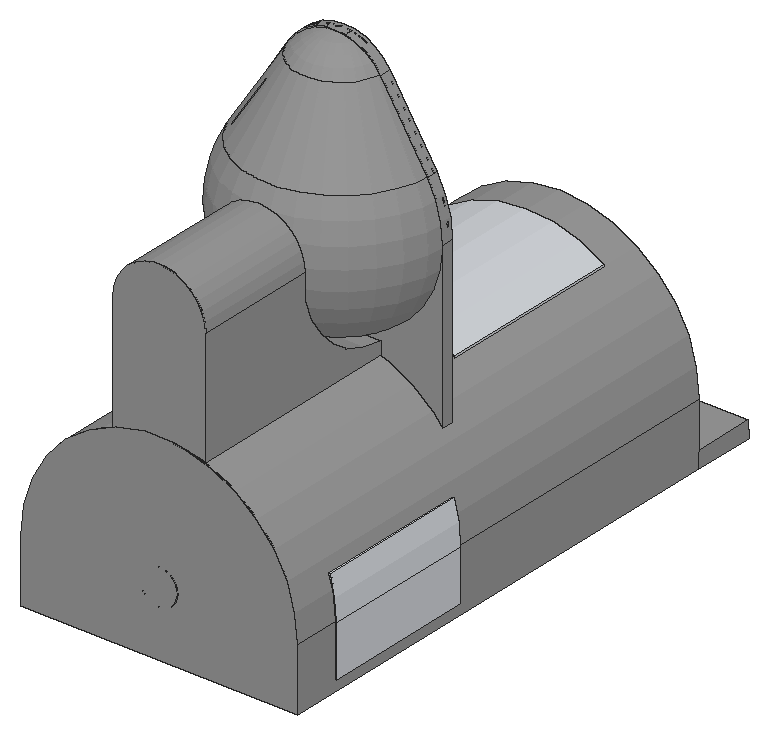
Revit family "Combination-Willoughby-ECF-1806-FA-C-ON", category Plumbing Fixtures, Revit 2015
Parameters (values of type "Standard")
  Waste DIA = 2 1/2"
  Waste Connection = yes
  W-RAD [instance] = Waste DIA / 2  # 0' - 1 1/4"
  Vent Connection = no
  URL = "https://www.willoughby-ind.com/wp-content/uploads/2018/04/1806-FA.pdf"
  Revision = "A"
  Model = "ECF-1806-FA-C-ON"
  Manufacturer = "Willoughby Industries"
  Lav Waste DIA = 1 1/2"
  Lav Waste Connection = yes
  L-RAD [instance] = Lav Waste DIA / 2  # 0' - 0 3/4"
  HW Connection = no
  Flush inlet DIA = 1 1/2"
  Flush Inlet Connection = yes
  Fixture Body = Stainless Steel AISI 304-Willoughby
  F-RAD [instance] = Flush inlet DIA / 2  # 0' - 0 3/4"
  Description = "1806 Front Access Combination Unit, Floor toilet waste outlet, Center toilet, On Floor mounted"
  Default Elevation = 0' - 0"
  Contact Number = "(800) 428-4065"
  CW Connection = no
Reference planes (in)
  plane 1 "Center (Front/Back)": y = -16.25
  plane 2: z = 0
  plane 3 "Center (Left/Right)": x = 0
  plane 4 "Base": y = -16.25
  plane 5 "Rim hight": y = -1.5
  plane 6 "Seat height": y = -1.25
  plane 7: y = 20.25
  plane 8 "Waste offset": x = 0
  plane 9 "Waste Hieght": y = -4.75
  plane 10 "Lwaste ht": y = 8
  plane 11 "flush inlet HT": y = 4.25
  plane 12 "Left Sweep": through (12.20051, 0, 16.45051) normal (0.7071, 0, -0.7071)
  plane 13 "Right Sweep": through (-12.20051, 0, 16.45051) normal (0.7071, 0, 0.7071)
  plane 14: through (-55.90549, 0, 60.15549) normal (-0.7071, 0, -0.7071)
  plane 15: x = 6.375
  plane 16: x = 9
  plane 17: z = 4.25
Forms (in)
  Extrusion 1, solid, material "Stainless Steel AISI 304-Willoughby" <- "Fixture Body"
    sketch origin (0, 10.5, -0.375) x (1, 0, 0) y (0, 0, 1)
      loop
        line (6.0079, 24.25317) -> (2.96593, 29.1083)
        arc (2.96593, 29.1083) -> (0, 30.75) -> (-2.96593, 29.1083) r 3.5
        line (-2.96593, 29.1083) -> (-6.0079, 24.25317)
        arc (-6.0079, 24.25317) -> (-6.74742, 22.52422) -> (-7, 20.6608) r 7
        line (-7, 20.6608) -> (-7, 10.11119)
        arc (-7, 10.11119) -> (0.01742, 13.41876) -> (7, 10.03826) r 8.99862
        line (7, 10.03826) -> (7, 20.6608)
        arc (7, 20.6608) -> (6.74742, 22.52422) -> (6.0079, 24.25317) r 7
      loop
        line (4.24214, 22.50332) -> (1.839, 28.03617)
        arc (1.839, 28.03617) -> (0, 29.25) -> (-1.839, 28.03617) r 2
        line (-1.839, 28.03617) -> (-4.24214, 22.50332)
        arc (-4.24214, 22.50332) -> (0, 16.0358) -> (4.24214, 22.50332) r 4.625
    from 11.75 to 12.5
  Revolve 2, solid, material "Stainless Steel AISI 304-Willoughby" <- "Fixture Body"
    sketch origin (0, -1.5, -0.375) x (1, 0, 0) y (0, 0, 1)
      loop
        arc (0, 13.6608) -> (6.08879, 17.20729) -> (6.0079, 24.25317) r 7
        line (6.0079, 24.25317) -> (2.96593, 29.1083)
        arc (2.96593, 29.1083) -> (1.69499, 30.31219) -> (0, 30.75) r 3.5
        line (0, 30.75) -> (0, 30.5)
        arc (0, 30.5) -> (1.57353, 30.09368) -> (2.75361, 28.97631) r 3.25
        line (2.75361, 28.97631) -> (5.71903, 24.24621)
        arc (5.71903, 24.24621) -> (5.9061, 17.39269) -> (0, 13.9108) r 6.75
        line (0, 13.9108) -> (0, 13.6608)
      axis (0, 13.6608) -> (0, 30.75)
    angle from 0 to -180
  Extrusion 3, solid, material "Stainless Steel AISI 304-Willoughby" <- "Fixture Body"
    sketch origin (0, -16.25, 0) x (1, 0, 0) y (0, 0, 1)
      loop
        line (9, 0) -> (9, 1.0625) -> (-9, 1.0625) -> (-9, 0) -> (9, 0)
    from -36.5 to -32.5
  Extrusion 4, solid, material "Stainless Steel AISI 304-Willoughby" <- "Fixture Body"
    sketch origin (0, 0, 0) x (1, 0, 0) y (0, 1, 0)
      loop
        circle (0, 8) r 0.75
    from 0 to 1
  Extrusion 5, solid, material "Stainless Steel AISI 304-Willoughby" <- "Fixture Body", detail levels fine
    sketch origin (0, 0, 0) x (1, 0, 0) y (0, 1, 0)
      loop
        circle (6.375, 4.25) r 0.75
    from 0 to 1
  Extrusion 6, solid, material "Stainless Steel AISI 304-Willoughby" <- "Fixture Body"
    sketch origin (-77.55739, -16.25, -24.30859) x (1, 0, 0) y (0, 0, 1)
      loop
        line (86.55739, 24.30859) -> (86.55739, 28.33218)
        arc (86.55739, 28.33218) -> (77.55739, 37.33218) -> (68.55739, 28.33218) r 9
        line (68.55739, 28.33218) -> (68.55739, 24.30859) -> (86.55739, 24.30859)
    from -32.5 to 0
  Revolve 7, void
    sketch origin (-0.04219, 16.25, -0.04963) x (1, 0, 0) y (0, 0, 1)
      loop
        spline (6.44903, 7.42683) -> (6.2318, 8.59152) -> (5.59494, 9.67683) -> (4.58183, 10.60881) -> (3.26153, 11.32395) -> (1.724, 11.7735) -> (0.07403, 11.92683) -> (-1.57595, 11.7735) -> (-3.11347, 11.32395) -> (-4.43378, 10.60881) -> (-5.44689, 9.67683) -> (-6.08375, 8.59152) -> (-6.30097, 7.42683)
        line (-6.30097, 7.42683) -> (6.44903, 7.42683)
      axis (6.44903, 7.42683) -> (-6.30097, 7.42683)
    angle from 0 to -180
  Extrusion 8, solid, material "Stainless Steel AISI 304-Willoughby" <- "Fixture Body"
    sketch origin (-22.09287, -16.25, -29.80277) x (1, 0, 0) y (0, 0, 1)
      loop
        arc (25.09287, 49.81164) -> (22.09287, 52.81164) -> (19.09287, 49.81164) r 3
        line (19.09287, 49.81164) -> (19.09287, 42.31164) -> (25.09287, 42.31164) -> (25.09287, 49.81164)
    from 0 to -8.02482
  Extrusion 9, solid, material "Stainless Steel AISI 304-Willoughby" <- "Fixture Body"
    sketch origin (0, 0, -0.375) x (0, 1, 0) y (0, 0, 1)
      loop
        line (-8.22518, 12.88387) -> (-2, 12.88387) -> (-2, 13.71556)
        arc (-2, 13.71556) -> (-5.92416, 15.25184) -> (-8.22518, 18.78235) r 6.90673
        line (-8.22518, 18.78235) -> (-8.22518, 12.88387)
    from -3 to 3
  Revolve 10, solid, material "Stainless Steel AISI 304-Willoughby" <- "Fixture Body"
    sketch origin (0, 0, 0) x (0, 1, 0) y (0, 0, 1)
      loop
        line (-16.24801, 4.25) -> (-14.75, 4.25) -> (-14.75, 5.4375) -> (-16.24801, 5.4375) -> (-16.24801, 4.25)
      axis (-14.75, 4.25) -> (-16.24801, 4.25)
    angle from 0 to -360
  Extrusion 11, solid, material "Stainless Steel AISI 304-Willoughby" <- "Fixture Body"
    sketch origin (1.75, 0, 0) x (1, 0, 0) y (0, 1, 0)
      loop
        circle (0.5, 8) r 0.25
      loop
        circle (-4, 8) r 0.25
    from -0.125 to 0
  Extrusion 12, solid
    sketch origin (0, -16.25, 0) x (0, 0, -1) y (-1, 0, 0)
      loop
        arc (-11.50691, -5) -> (-13.04378, 0) -> (-11.50691, 5) r 8.90185
        line (-11.50691, 5) -> (-11.63191, 5)
        arc (-11.63191, 5) -> (-13.16867, 0) -> (-11.63191, -5) r 8.90234
        line (-11.63191, -5) -> (-11.50691, -5)
    from 17.75 to 29.75
  Extrusion 13, solid
    sketch origin (0, -16.25, 0) x (0, 0, -1) y (-1, 0, 0)
      loop
        arc (-6.75, -8.70818) -> (-5.40264, -9.02019) -> (-4.02359, -9.125) r 9.125
        line (-4.02359, -9.125) -> (-0.75, -9.125) -> (-0.75, -9) -> (-4.02359, -9)
        arc (-4.02359, -9) -> (-5.4031, -8.89365) -> (-6.75, -8.5771) r 9
        line (-6.75, -8.5771) -> (-6.75, -8.70818)
    from 3 to 13
  Extrusion 14, solid
    sketch origin (0, -16.25, 0) x (0, 0, -1) y (-1, 0, 0)
      loop
        line (-6.75, 8.70818) -> (-6.75, 8.5771)
        arc (-6.75, 8.5771) -> (-5.4031, 8.89365) -> (-4.02359, 9) r 9
        line (-4.02359, 9) -> (-0.75, 9) -> (-0.75, 9.125) -> (-4.02359, 9.125)
        arc (-4.02359, 9.125) -> (-5.40264, 9.02019) -> (-6.75, 8.70818) r 9.125
    from 3 to 13
Cuts and joins
  Revolve 7 cuts Extrusion 6
  joined: Extrusion 8, Extrusion 9
Lines and regions (in)
  model lines, detail levels coarse+medium
    curve 1: line (-9, -16.25, 4.02359) -> (-9, -16.25, 0)
    curve 2: line (-9, -16.25, 0) -> (9, -16.25, 0)
    curve 3: line (9, -16.25, 0) -> (9, -16.25, 4.02359)
  symbolic lines
    curve 4: line (-9, -16.25, 0) -> (9, -16.25, 0)
    curve 5: line (9, -16.25, 0) -> (9, -16.25, 1.0625)
    curve 6: line (9, -16.25, 1.0625) -> (9, -16.25, 4.02359)
    curve 7: arc (9, -16.25, 4.02359) -> (0, -16.25, 13.02359) -> (-9, -16.25, 4.02359) r 9
    curve 8: line (-9, -16.25, 4.02359) -> (-9, -16.25, 1.0625)
    curve 9: line (-9, -16.25, 1.0625) -> (-9, -16.25, 0)
    curve 14: line (-7, -16.25, 9.68045) -> (-7, -16.25, 20.2858)
    curve 15: line (7, -16.25, 9.68045) -> (7, -16.25, 20.2858)
    curve 16: arc (7, -16.25, 20.2858) -> (6.74742, -16.25, 22.14922) -> (6.0079, -16.25, 23.87817) r 7
    curve 17: line (6.0079, -16.25, 23.87817) -> (2.96593, -16.25, 28.7333)
    curve 18: arc (2.96593, -16.25, 28.7333) -> (1.69499, -16.25, 29.93719) -> (0, -16.25, 30.375) r 3.5
    curve 19: arc (0, -16.25, 30.375) -> (-1.69499, -16.25, 29.93719) -> (-2.96593, -16.25, 28.7333) r 3.5
    curve 20: line (-2.96593, -16.25, 28.7333) -> (-5.93085, -16.25, 24.004)
    curve 21: arc (-5.93085, -16.25, 24.004) -> (-6.7274, -16.25, 22.22023) -> (-7, -16.25, 20.2858) r 7
    curve 26: line (0, -16.25, 0) -> (0, 20.25, 0)
    curve 27: line (0, 20.25, 0) -> (0, 20.25, 1.0625)
    curve 28: line (0, 20.25, 1.0625) -> (0, 16.25, 1.0625)
    curve 29: line (0, 16.25, 1.0625) -> (0, 16.25, 13.02359)
    curve 30: line (0, 16.25, 13.02359) -> (0, -16.25, 13.02359)
    curve 31: line (0, -16.25, 13.02359) -> (0, -16.25, 0)
    curve 32: line (0, -2, 13.32164) -> (0, -2, 9.73619)
    curve 33: line (0, -2, 9.73619) -> (0, -1.25, 9.73619)
    curve 34: line (0, -1.25, 9.73619) -> (0, -1.25, 30.375)
    curve 35: line (0, -1.25, 30.375) -> (0, -2, 30.375)
    curve 36: arc (0, -2, 30.375) -> (0, -3.227, 29.90101) -> (0, -4.22155, 29.04016) r 3.83367
    curve 37: line (0, -4.22155, 29.04016) -> (0, -7.5079, 23.87817)
    curve 38: arc (0, -7.5079, 23.87817) -> (0, -8.00701, 22.85106) -> (0, -8.33921, 21.75848) r 7.27316
    curve 39: line (0, -8.33921, 21.75848) -> (0, -16.25, 21.75848)
    curve 40: line (0, -16.25, 21.75848) -> (0, -16.25, 13.02359)
    curve 41: arc (0, -2, 13.32164) -> (0, -6.49123, 15.35022) -> (0, -8.36184, 19.90951) r 6.66639
    curve 42: arc (0, -8.36184, 19.90951) -> (0, -8.39897, 20.83826) -> (0, -8.36184, 21.76701) r 11.63258
    curve 43: line (-9, -16.25, 0) -> (-9, 20.25, 0)
    curve 44: line (-9, 20.25, 0) -> (9, 20.25, 0)
    curve 45: line (9, 20.25, 0) -> (9, -16.25, 0)
    curve 46: line (9, -16.25, 0) -> (-9, -16.25, 0)
    curve 47: line (-9, 16.25, 0) -> (9, 16.25, 0)
    curve 48: line (-7, -2, 0) -> (-7, -1.25, 0)
    curve 49: line (-7, -1.25, 0) -> (7, -1.25, 0)
    curve 50: line (7, -1.25, 0) -> (7, -2, 0)
    curve 51: arc (7, -2, 0) -> (4.76927, -6.62493, 0) -> (0, -8.52761, 0) r 7.08346
    curve 52: arc (0, -8.52761, 0) -> (-4.76851, -6.62412, 0) -> (-7, -2, 0) r 7.08658
    curve 53: line (1.5, -8.35359, 0) -> (1.5, -16.25, 0)
    curve 54: line (-1.5, -16.25, 0) -> (-1.5, -8.35304, 0)
  symbolic lines, detail levels medium+fine
    curve 10: line (-9, -16.25, 1.0625) -> (9, -16.25, 1.0625)
  symbolic lines, detail levels fine
    curve 11: spline (6.40684, -16.25, 7.3772) -> (6.18962, -16.25, 6.21252) -> (5.55275, -16.25, 5.1272) -> (4.53965, -16.25, 4.19522) -> (3.21934, -16.25, 3.48009) -> (1.68181, -16.25, 3.03054) -> (0.03184, -16.25, 2.8772) -> (-1.61813, -16.25, 3.03054) -> (-3.15566, -16.25, 3.48009) -> (-4.47597, -16.25, 4.19522) -> (-5.48907, -16.25, 5.1272) -> (-6.12594, -16.25, 6.21252) -> (-6.34316, -16.25, 7.3772)
    curve 12: spline (-6.34316, -16.25, 7.3772) -> (-6.12594, -16.25, 8.54189) -> (-5.48907, -16.25, 9.6272) -> (-4.47597, -16.25, 10.55918) -> (-3.15566, -16.25, 11.27432) -> (-1.61813, -16.25, 11.72387) -> (0.03184, -16.25, 11.8772) -> (1.68181, -16.25, 11.72387) -> (3.21934, -16.25, 11.27432) -> (4.53965, -16.25, 10.55918) -> (5.55275, -16.25, 9.6272) -> (6.18962, -16.25, 8.54189) -> (6.40684, -16.25, 7.3772)
    curve 13: arc (4.24215, -16.25, 22.1283) -> (-0.00001, -16.25, 15.6608) -> (-4.24214, -16.25, 22.12832) r 4.625
    curve 22: arc (1.83444, -16.25, 27.67176) -> (1.09692, -16.25, 28.54735) -> (0, -16.25, 28.875) r 2
    curve 23: arc (0, -16.25, 28.875) -> (-1.10174, -16.25, 28.54418) -> (-1.839, -16.25, 27.66117) r 2
    curve 24: line (-1.839, -16.25, 27.66117) -> (-4.24214, -16.25, 22.12832)
    curve 25: line (4.24215, -16.25, 22.1283) -> (1.83444, -16.25, 27.67176)
Dimensions and locks (in)
  locked: Extrusion 1 to Extrusion 1 at 0.75
  locked: plane 6 "Seat height" to plane 5 "Rim hight" at 0.25
  plane 6 "Seat height" to plane 4 "Base" = 1' - 3"  (x2)
  plane 10 "Lwaste ht" to plane 4 "Base" = 2' - 0 1/4"
  plane 11 "flush inlet HT" to plane 4 "Base" = 1' - 8 1/2"
  plane 15 to plane 16 = 0' - 2 5/8"
  locked: cut or joined group of Extrusion 6, Revolve 7 to cut or joined group of Extrusion 6, Revolve 7 at 18
  plane 9 "Waste Hieght" to plane 1 "Center (Front/Back)" = 0' - 11 1/2"
  plane 11 "flush inlet HT" to plane 1 "Center (Front/Back)" = 1' - 8 1/2"
  plane 10 "Lwaste ht" to plane 1 "Center (Front/Back)" = 2' - 0 1/4"
  plane 3 "Center (Left/Right)" to plane 16 = 0' - 9"
  cut or joined group of Extrusion 6, Revolve 7 to plane 4 "Base" = 2' - 8 1/2"
  plane 4 "Base" to plane 7 = 3' - 0 1/2"
  Extrusion 3 to Extrusion 3 = 1' - 6"
  "L-RAD": radius of Extrusion 4 sketch curve
  "F-RAD": radius of Extrusion 5 sketch curve
  radius of cut or joined group of Extrusion 6, Revolve 7 = 0' - 9"
  aligned and locked: Revolve 2 to plane 5 "Rim hight"
  aligned and locked: Extrusion 1 to plane 6 "Seat height"
  aligned and locked: Extrusion 3 to plane 7
  aligned and locked: plane 10 "Lwaste ht" to Extrusion 4 sketch curve
  aligned and locked: Extrusion 4 sketch curve to plane 8 "Waste offset"
  aligned and locked: plane 11 "flush inlet HT" to Extrusion 5 sketch curve
  aligned and locked: Revolve 7 sketch curve to Revolve 7 sketch curve
  aligned and locked: plane 15 to Extrusion 5 sketch curve
  aligned and locked: curve 1 to cut or joined group of Extrusion 6, Revolve 7
  aligned and locked: curve 3 to cut or joined group of Extrusion 6, Revolve 7
  aligned and locked: Extrusion 3 to cut or joined group of Extrusion 6, Revolve 7
  aligned and locked: Extrusion 3 to level
  aligned and locked: Extrusion 6 to level
  aligned and locked: Extrusion 6 to Extrusion 3
  aligned and locked: Extrusion 6 to plane 16
  aligned and locked: Extrusion 4 to Extrusion 5
  aligned and locked: cut or joined group of Extrusion 6, Revolve 7 to Extrusion 3
  aligned and locked: Revolve 10 sketch curve to Revolve 10 sketch curve  (x2)
Automatic sketch dimensions
  plane 1 "Center (Front/Back)" to curve 43 = 0' - 0"
  plane 7 to curve 43 = 0' - 0"
  plane 6 "Seat height" to curve 49 = 0' - 0"
  curve 51 to plane 3 "Center (Left/Right)" = 0' - 0"
  curve 45 to plane 16 = 0' - 0"
  curve 51 to plane 3 "Center (Left/Right)" = 0' - 0.06164"
  plane 5 "Rim hight" to curve 48 = 0' - 0 1/2"
  curve 48 to curve 51 = 0' - 6.93836"
  curve 46 to plane 3 "Center (Left/Right)" = 0' - 9"
  plane 3 "Center (Left/Right)" to curve 52 = 0' - 0.06452"
  plane 15 to curve 49 = 0' - 0 5/8"
  plane 5 "Rim hight" to curve 50 = 0' - 0 1/2"
  curve 51 to plane 5 "Rim hight" = 0' - 0.05558"
  curve 54 to plane 3 "Center (Left/Right)" = 0' - 1 1/2"
  plane 3 "Center (Left/Right)" to curve 53 = 0' - 1 1/2"
  curve 47 to curve 44 = 0' - 4"
  curve 26 to level = 0' - 0"
  curve 26 to plane 1 "Center (Front/Back)" = 0' - 0"
  curve 35 to plane 6 "Seat height" = 0' - 0"
  curve 27 to plane 7 = 0' - 0"
  curve 39 to plane 9 "Waste Hieght" = 0' - 3.58921"
  curve 39 to curve 37 = 0' - 0.83131"
  plane 9 "Waste Hieght" to curve 37 = 0' - 0.52845"
  plane 5 "Rim hight" to curve 35 = 0' - 0 1/2"
  plane 5 "Rim hight" to curve 32 = 0' - 0 1/2"
  plane 5 "Rim hight" to curve 41 = 0' - 0.19582"
  plane 6 "Seat height" to curve 36 = 0' - 0.00251"
  curve 38 to plane 6 "Seat height" = 0' - 0.01404"
  curve 42 to plane 11 "flush inlet HT" = 0' - 1.0164"
  plane 7 to curve 30 = 0' - 4"
  level to curve 28 = 0' - 1 1/16"
  curve 33 to plane 17 = 0' - 5.48619"
  curve 31 to plane 17 = 0' - 8.77359"
  curve 32 to curve 32 = 0' - 3.58545"
  curve 41 to curve 41 = 0' - 6.65945"
  curve 41 to curve 38 = 0' - 0.21447"
  curve 38 to curve 42 = 0' - 0.6427"
  curve 30 to curve 40 = 0' - 8.73489"
  curve 38 to curve 36 = 0' - 6.41935"
  curve 36 to curve 37 = 0' - 2.42525"
  curve 42 to curve 38 = 0' - 0.02263"
  curve 42 to curve 39 = 0' - 0.02263"
  curve 1 to level = 0' - 0"
  plane 17 to curve 3 = 0' - 0.22641"
  plane 17 to curve 1 = 0' - 0.22641"
  Extrusion 1 sketch curve to Extrusion 1 sketch curve = 0' - 0"  (x8)
  Extrusion 1 sketch curve to plane 3 "Center (Left/Right)" = 0' - 0"  (x2)
  Extrusion 1 sketch curve to plane 3 "Center (Left/Right)" = 0' - 0.02945"
  Extrusion 1 sketch curve to plane 3 "Center (Left/Right)" = 0' - 1.839"
  Extrusion 1 sketch curve to Extrusion 1 sketch curve = 0' - 1.12693"  (x2)
  Extrusion 1 sketch curve to plane 3 "Center (Left/Right)" = 0' - 4.24214"
  Extrusion 1 sketch curve to Extrusion 1 sketch curve = 0' - 1.76576"
  Extrusion 1 sketch curve to Extrusion 1 sketch curve = 0' - 2.75786"
  plane 3 "Center (Left/Right)" to Extrusion 1 sketch curve = 0' - 1.839"
  Extrusion 1 sketch curve to plane 15 = 0' - 2.13286"
  Extrusion 1 sketch curve to plane 15 = 0' - 0.3671"
  plane 15 to Extrusion 1 sketch curve = 0' - 0 5/8"
  plane 17 to Extrusion 1 sketch curve = 0' - 0.20474"
  Extrusion 1 sketch curve to plane 17 = 0' - 5.41326"
  Extrusion 1 sketch curve to Extrusion 1 sketch curve = 0' - 10.62253"
  Extrusion 1 sketch curve to Extrusion 1 sketch curve = 0' - 1.74985"
  Extrusion 1 sketch curve to Extrusion 1 sketch curve = 0' - 4.74668"
  Extrusion 1 sketch curve to Extrusion 1 sketch curve = 0' - 0.78617"
  Extrusion 1 sketch curve to Extrusion 1 sketch curve = 0' - 1.07212"
  Revolve 2 sketch curve to Revolve 2 sketch curve = 0' - 0"  (x3)
  Revolve 2 sketch curve to plane 3 "Center (Left/Right)" = 0' - 0"  (x4)
  plane 3 "Center (Left/Right)" to Revolve 2 sketch curve = 0' - 2.75361"
  Revolve 2 sketch curve to Revolve 2 sketch curve = 0' - 0.21232"
  Revolve 2 sketch curve to plane 15 = 0' - 0.65597"
  Revolve 2 sketch curve to Revolve 2 sketch curve = 0' - 0.28887"
  Revolve 2 sketch curve to plane 17 = 0' - 9.0358"
  Revolve 2 sketch curve to Revolve 2 sketch curve = 0' - 0 1/4"
  Revolve 2 sketch curve to Revolve 2 sketch curve = 0' - 6 3/4"
  Revolve 2 sketch curve to Revolve 2 sketch curve = 0' - 3.00379"
  Revolve 2 sketch curve to Revolve 2 sketch curve = 0' - 1.72631"
  Revolve 2 sketch curve to Revolve 2 sketch curve = 0' - 0.13199"
  Revolve 2 sketch curve to Revolve 2 sketch curve = 0' - 2.4108"
  Revolve 2 sketch curve to Revolve 2 sketch curve = 0' - 3 1/4"
  Extrusion 3 sketch curve to level = 0' - 0"
  plane 16 to Extrusion 3 sketch curve = 0' - 0"
  level to Extrusion 3 sketch curve = 0' - 1 1/16"
  Extrusion 3 sketch curve to plane 3 "Center (Left/Right)" = 0' - 9"
  Extrusion 6 sketch curve to level = 0' - 0"
  Extrusion 6 sketch curve to plane 3 "Center (Left/Right)" = 0' - 0"
  plane 16 to Extrusion 6 sketch curve = 0' - 0"
  plane 17 to Extrusion 6 sketch curve = 0' - 0.22641"
  Revolve 7 sketch curve to plane 17 = 0' - 3.1272"
  Revolve 7 sketch curve to plane 3 "Center (Left/Right)" = 0' - 6.34316"
  plane 15 to Revolve 7 sketch curve = 0' - 0.03184"
  Revolve 7 sketch curve to Revolve 7 sketch curve = 0' - 5 1/8"
  Revolve 7 sketch curve to Revolve 7 sketch curve = 0' - 0 7/8"
  Extrusion 9 sketch curve to plane 9 "Waste Hieght" = 0' - 3.47518"
  plane 5 "Rim hight" to Extrusion 9 sketch curve = 0' - 0 1/2"
  plane 5 "Rim hight" to Extrusion 9 sketch curve = 0' - 0.06425"
  Extrusion 9 sketch curve to plane 17 = 0' - 8.25887"
  Extrusion 9 sketch curve to Extrusion 9 sketch curve = 0' - 0.83168"
  Extrusion 9 sketch curve to Extrusion 9 sketch curve = 0' - 5.89847"
  curve 13 to curve 16 = 0' - 0"  (x2)
  curve 13 to curve 21 = 0' - 0"  (x2)
  curve 16 to curve 21 = 0' - 0"  (x2)
  curve 18 to curve 19 = 0' - 0"  (x2)
  curve 18 to curve 22 = 0' - 0"  (x2)
  curve 18 to curve 23 = 0' - 0"  (x2)
  curve 19 to curve 22 = 0' - 0"  (x2)
  curve 19 to curve 23 = 0' - 0"  (x2)
  curve 22 to curve 23 = 0' - 0"  (x2)
  curve 18 to plane 3 "Center (Left/Right)" = 0' - 0"
  curve 13 to plane 3 "Center (Left/Right)" = 0' - 0"
  curve 7 to plane 3 "Center (Left/Right)" = 0' - 0"
  plane 16 to curve 6 = 0' - 0"
  curve 5 to level = 0' - 0"
  level to curve 6 = 0' - 1 1/16"
  plane 17 to curve 8 = 0' - 0.22641"
  curve 16 to plane 17 = 1' - 4.0358"
  curve 25 to plane 15 = 0' - 2.13285"
  curve 25 to curve 15 = 0' - 1.8425"
  curve 24 to plane 3 "Center (Left/Right)" = 0' - 4.24214"
  curve 17 to plane 15 = 0' - 0.3671"
  curve 17 to curve 13 = 0' - 1.74987"
  curve 20 to plane 3 "Center (Left/Right)" = 0' - 5.93085"
  curve 20 to curve 13 = 0' - 1.87568"
  curve 18 to curve 13 = 0' - 4.74668"
  curve 24 to plane 3 "Center (Left/Right)" = 0' - 1.839"
  curve 24 to curve 18 = 0' - 0.78617"
  plane 3 "Center (Left/Right)" to curve 25 = 0' - 1.83444"
  curve 20 to plane 3 "Center (Left/Right)" = 0' - 2.96593"
  curve 20 to curve 24 = 0' - 1.07212"
  plane 3 "Center (Left/Right)" to curve 17 = 0' - 2.96593"
  plane 15 to curve 12 = 0' - 0.03184"
  curve 15 to curve 12 = 0' - 2.30324"
  plane 3 "Center (Left/Right)" to curve 12 = 0' - 0.03184"
  plane 17 to Revolve 10 sketch curve = 0' - 0"
  Revolve 10 sketch curve to plane 1 "Center (Front/Back)" = 0' - 0.00199"
  Revolve 10 sketch curve to Revolve 10 sketch curve = 0' - 1.49801"
  Revolve 10 sketch curve to plane 17 = 0' - 1 3/16"
  plane 1 "Center (Front/Back)" to Revolve 10 sketch curve = 0' - 1 1/2"
  Extrusion 11 sketch curve to plane 10 "Lwaste ht" = 0' - 0"  (x2)
  Extrusion 11 sketch curve to plane 3 "Center (Left/Right)" = 0' - 2 1/4"
  plane 3 "Center (Left/Right)" to Extrusion 11 sketch curve = 0' - 2 1/4"
  Extrusion 12 sketch curve to plane 3 "Center (Left/Right)" = 0' - 0"  (x2)
  Extrusion 12 sketch curve to plane 17 = 0' - 7.38191"
  Extrusion 12 sketch curve to plane 15 = 0' - 1 3/8"
  Extrusion 12 sketch curve to Extrusion 12 sketch curve = 0' - 0"
  Extrusion 12 sketch curve to Extrusion 12 sketch curve = 0' - 0 1/8"
  Extrusion 12 sketch curve to plane 17 = 0' - 0.01633"
  plane 17 to Extrusion 12 sketch curve = 0' - 0.10808"
  Extrusion 13 sketch curve to Extrusion 13 sketch curve = 0' - 0"  (x2)
  plane 16 to Extrusion 13 sketch curve = 0' - 0"
  Extrusion 13 sketch curve to plane 3 "Center (Left/Right)" = 0' - 0"
  plane 16 to Extrusion 13 sketch curve = 0' - 0.29182"
  Extrusion 13 sketch curve to plane 17 = 0' - 2 1/2"
  plane 17 to Extrusion 13 sketch curve = 0' - 0.22641"
  level to Extrusion 13 sketch curve = 0' - 0 3/4"
  Extrusion 14 sketch curve to Extrusion 14 sketch curve = 0' - 0"  (x2)
  Extrusion 14 sketch curve to plane 3 "Center (Left/Right)" = 0' - 0"
  plane 17 to Extrusion 14 sketch curve = 0' - 2 1/2"
  Extrusion 14 sketch curve to plane 17 = 0' - 0.22641"
  Extrusion 14 sketch curve to level = 0' - 0 3/4"
  plane 3 "Center (Left/Right)" to Extrusion 14 sketch curve = 0' - 8.5771"
  Extrusion 14 sketch curve to Extrusion 14 sketch curve = 0' - 0.13107"
  Extrusion 8 sketch curve to plane 3 "Center (Left/Right)" = 0' - 0"
  plane 3 "Center (Left/Right)" to Extrusion 8 sketch curve = 0' - 3"
  Extrusion 8 sketch curve to plane 17 = 0' - 8.25887"
  Extrusion 8 sketch curve to Extrusion 8 sketch curve = 0' - 7 1/2"
  radius of Extrusion 11 sketch curve = 0' - 0 1/4"  (x2)
Connectors (in)
  piping at (0, 8, 1), diameter 1.5, driven by "L-RAD", driven by "Lav Waste Connection"
    settings: on Extrusion 4, index 2, connector inside diameter 1 1/2", connector length 0' - 0", flow factor 0, pipe flow 0 GPM, pressure drop 0.00 psi, fitting loss kfactor 0, connector angle 0.00°, fixture units 0, engagement length 0' - 0", angle of deflection 0.00°, flow configuration 3, flow direction 2, fitting loss method 0, system type 16, joint type 0, gender type 0, connector reference index -1, connector utility 1, adjustable connector yes, is connector primary yes, connector description "Lav Drain"
  piping at (6.375, 4.25, 1), diameter 1.5, driven by "F-RAD", driven by "Flush Inlet Connection"
    settings: on Extrusion 5, index 3, connector inside diameter 1 1/2", connector length 0' - 0", flow factor 0, pipe flow 0 GPM, pressure drop 0.00 psi, fitting loss kfactor 0, connector angle 0.00°, fixture units 0, engagement length 0' - 0", angle of deflection 0.00°, flow configuration 3, flow direction 1, fitting loss method 0, system type 20, joint type 0, gender type 0, connector reference index -1, connector utility 1, adjustable connector yes, is connector primary no, connector description "Flush Inlet"
  piping at (0, -16.24801, 4.25), diameter 2.5, driven by "W-RAD", driven by "Waste Connection"
    settings: on Revolve 10, index 4, connector inside diameter 24", connector length 0' - 0", flow factor 0, pipe flow 0 GPM, pressure drop 0.00 psi, fitting loss kfactor 0, connector angle 0.00°, fixture units 0, engagement length 0' - 0", angle of deflection 0.00°, flow configuration 0, flow direction 2, fitting loss method 0, system type 16, joint type 0, gender type 0, connector reference index -1, connector utility 1, adjustable connector no, is connector primary no, connector description "Toilet Waste"
  piping at (-2.25, 8, 0), diameter 0.5
    settings: on Extrusion 11, index 5, connector inside diameter 24", connector length 0' - 0", flow factor 0, pipe flow 0 GPM, pressure drop 0.00 psi, fitting loss kfactor 0, connector angle 0.00°, fixture units 0, engagement length 0' - 0", angle of deflection 0.00°, flow configuration 0, flow direction 0, fitting loss method 0, system type 19, joint type 0, gender type 0, connector reference index -1, connector utility 0, adjustable connector no, is connector primary no, connector description ""
  piping at (2.25, 8, 0), diameter 0.5
    settings: on Extrusion 11, index 6, connector inside diameter 24", connector length 0' - 0", flow factor 0, pipe flow 0 GPM, pressure drop 0.00 psi, fitting loss kfactor 0, connector angle 0.00°, fixture units 0, engagement length 0' - 0", angle of deflection 0.00°, flow configuration 0, flow direction 0, fitting loss method 0, system type 20, joint type 0, gender type 0, connector reference index -1, connector utility 0, adjustable connector no, is connector primary no, connector description ""
